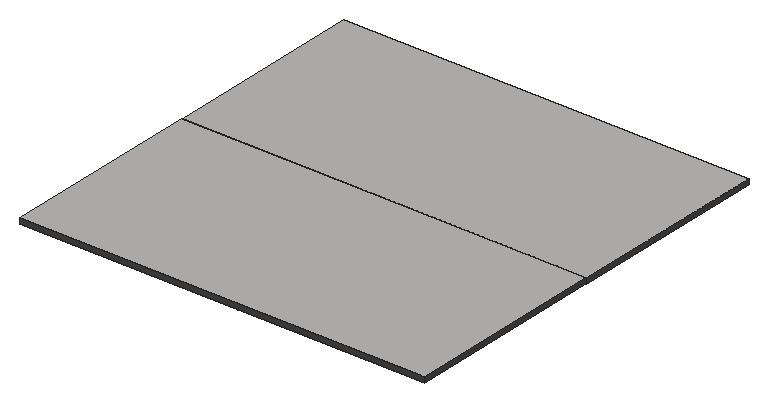
Revit family "22M 60 Square", category Furniture, Revit 2016
Family settings
  OmniClass Number = 23.40.20.00
  OmniClass Title = General Furniture and Specialties
  Work Plane-Based = No
  Always vertical = Yes
  Cut with Voids When Loaded = No
  Shared = No
  Room Calculation Point = No
Parameters
  Top [instance] = Palmer Hamilton Lt Gry
  Open [instance] = yes
  Height [instance] = 2' - 5"
  Frame [instance] = Palmer Hamilton Black
  Edge [instance] = Palmer Hamilton - Edge
  Closed [instance] = not(Open)  # no
Reference planes (in)
  plane 1 "Center Front/Back": y = 0
  plane 2: z = 0
  plane 3 "Center Left/Right": x = 0
  plane 4: z = 29
  plane 5: z = 28.1875
  plane 6: z = 26.0625
Forms (in)
  Extrusion 1, solid, material "Palmer Hamilton Black" <- "Frame", visible <- "Open"
    sketch origin (0, 0, 0) x (1, 0, 0) y (0, 1, 0)
      loop
        line (-23.80109, -5.0625) -> (-23.80109, -8.21742) -> (-19.2566, -19.18879) -> (0, -27.16514) -> (19.2566, -19.18879) -> (23.80109, -8.21742) -> (23.80109, -5.0625) -> (23.30109, -5.0625) -> (23.30109, -8.11796) -> (18.87392, -18.80611) -> (0, -26.62394) -> (-18.87392, -18.80611) -> (-23.30109, -8.11796) -> (-23.30109, -5.0625) -> (-23.80109, -5.0625)
    from 26.0625 to 28.1875
  Extrusion 2, solid, visible <- "Open"
    sketch origin (0, 0, 0) x (1, 0, 0) y (0, 1, 0)
      loop
        line (-30, -0.0625) -> (-30, -30) -> (30, -30) -> (30, -0.0625) -> (-30, -0.0625)
    from 28.1875 to 29
  Extrusion 3, solid, material "Palmer Hamilton Black" <- "Frame", visible <- "Closed"
    sketch origin (0, 25.43102, 37.57481) x (1, 0, 0) y (0, 0.017452, 0.999848)
      loop
        line (-23.80109, -5.0625) -> (-23.80109, -8.21742) -> (-19.2566, -19.18879) -> (0, -27.16514) -> (19.2566, -19.18879) -> (23.80109, -8.21742) -> (23.80109, -5.0625) -> (23.30109, -5.0625) -> (23.30109, -8.11796) -> (18.87392, -18.80611) -> (0, -26.62394) -> (-18.87392, -18.80611) -> (-23.30109, -8.11796) -> (-23.30109, -5.0625) -> (-23.80109, -5.0625)
    from 26.0625 to 28.1875
  Extrusion 4, solid, visible <- "Closed"
    sketch origin (0, 25.43102, 37.57481) x (1, 0, 0) y (0, 0.017452, 0.999848)
      loop
        line (-30, -0.0625) -> (-30, -30) -> (30, -30) -> (30, -0.0625) -> (-30, -0.0625)
    from 28.1875 to 29
  Extrusion 5, solid, material "Palmer Hamilton Black" <- "Frame", visible <- "Open"
    sketch origin (0, 0, 0) x (-1, 0, 0) y (0, -1, 0)
      loop
        line (-23.80109, -5.0625) -> (-23.80109, -8.21742) -> (-19.2566, -19.18879) -> (0, -27.16514) -> (19.2566, -19.18879) -> (23.80109, -8.21742) -> (23.80109, -5.0625) -> (23.30109, -5.0625) -> (23.30109, -8.11796) -> (18.87392, -18.80611) -> (0, -26.62394) -> (-18.87392, -18.80611) -> (-23.30109, -8.11796) -> (-23.30109, -5.0625) -> (-23.80109, -5.0625)
    from 26.0625 to 28.1875
  Extrusion 6, solid, visible <- "Open"
    sketch origin (0, 0, 0) x (-1, 0, 0) y (0, -1, 0)
      loop
        line (-30, -0.0625) -> (-30, -30) -> (30, -30) -> (30, -0.0625) -> (-30, -0.0625)
    from 28.1875 to 29
  Extrusion 7, solid, material "Palmer Hamilton Black" <- "Frame", visible <- "Closed"
    sketch origin (0, -25.43102, 37.57481) x (-1, 0, 0) y (0, -0.017452, 0.999848)
      loop
        line (-23.80109, -5.0625) -> (-23.80109, -8.21742) -> (-19.2566, -19.18879) -> (0, -27.16514) -> (19.2566, -19.18879) -> (23.80109, -8.21742) -> (23.80109, -5.0625) -> (23.30109, -5.0625) -> (23.30109, -8.11796) -> (18.87392, -18.80611) -> (0, -26.62394) -> (-18.87392, -18.80611) -> (-23.30109, -8.11796) -> (-23.30109, -5.0625) -> (-23.80109, -5.0625)
    from 26.0625 to 28.1875
  Extrusion 8, solid, visible <- "Closed"
    sketch origin (0, -25.43102, 37.57481) x (-1, 0, 0) y (0, -0.017452, 0.999848)
      loop
        line (-30, -0.0625) -> (-30, -30) -> (30, -30) -> (30, -0.0625) -> (-30, -0.0625)
    from 28.1875 to 29
  Extrusion 9, solid, material "Palmer Hamilton Black" <- "Frame", visible <- "Open"
    sketch origin (0, -0.04778, 5) x (0, 1, 0) y (0, 0, 1)
      loop
        line (0.5625, 20.44279) -> (0.5625, 22.17483) -> (-1.05432, 22.17483) -> (-1.05432, 22.61495) -> (-2.319, 22.61495) -> (-2.319, 23.1875) -> (-7.8464, 23.1875) -> (-7.8464, 21.04911) -> (-4.819, 21.04911) -> (-4.12777, 20.56511) -> (-2.19922, 20.56511)
        arc (-2.19922, 20.56511) -> (-1.96819, 20.47396) -> (-1.80353, 20.28804) r 0.53311
        line (-1.80353, 20.28804) -> (-1.74766, 20.07952)
        arc (-1.74766, 20.07952) -> (-1.6893, 19.93864) -> (-1.54842, 19.88029) r 0.19923
        line (-1.54842, 19.88029) -> (0, 19.88029)
        arc (0, 19.88029) -> (0.39775, 20.04504) -> (0.5625, 20.44279) r 0.5625
    from 23.6148 to 23.7344
  Extrusion 10, solid, material "Palmer Hamilton Black" <- "Frame", visible <- "Closed"
    sketch origin (0, 23.38594, 40.67249) x (0, 0.017452, 0.999848) y (0, -0.999848, 0.017452)
      loop
        line (-2.43704, 23.39043) -> (-2.43704, 25.12248) -> (-4.05386, 25.12248) -> (-4.05386, 25.5626) -> (-5.31854, 25.5626) -> (-5.31854, 26.13514) -> (-14.81854, 26.13514) -> (-14.81854, 23.99675) -> (-7.81854, 23.99675) -> (-7.12731, 23.51275) -> (-5.19876, 23.51275)
        arc (-5.19876, 23.51275) -> (-4.96774, 23.4216) -> (-4.80307, 23.23569) r 0.53311
        line (-4.80307, 23.23569) -> (-4.7472, 23.02716)
        arc (-4.7472, 23.02716) -> (-4.68885, 22.88628) -> (-4.54797, 22.82793) r 0.19923
        line (-4.54797, 22.82793) -> (-2.99954, 22.82793)
        arc (-2.99954, 22.82793) -> (-2.6018, 22.99268) -> (-2.43704, 23.39043) r 0.5625
    from 23.6148 to 23.7344
  Extrusion 11, solid, material "Palmer Hamilton Black" <- "Frame", visible <- "Open"
    sketch origin (0, -0.04778, 5) x (0, -1, 0) y (0, 0, 1)
      loop
        line (0.5625, 20.44279) -> (0.5625, 22.17483) -> (-1.05432, 22.17483) -> (-1.05432, 22.61495) -> (-2.319, 22.61495) -> (-2.319, 23.1875) -> (-8.14134, 23.1875) -> (-8.14134, 21.04911) -> (-4.819, 21.04911) -> (-4.12777, 20.56511) -> (-2.19922, 20.56511)
        arc (-2.19922, 20.56511) -> (-1.96819, 20.47396) -> (-1.80353, 20.28804) r 0.53311
        line (-1.80353, 20.28804) -> (-1.74766, 20.07952)
        arc (-1.74766, 20.07952) -> (-1.6893, 19.93864) -> (-1.54842, 19.88029) r 0.19923
        line (-1.54842, 19.88029) -> (0, 19.88029)
        arc (0, 19.88029) -> (0.39775, 20.04504) -> (0.5625, 20.44279) r 0.5625
    from -23.8544 to -23.7344
  Extrusion 12, solid, material "Palmer Hamilton Black" <- "Frame", visible <- "Closed"
    sketch origin (0, -23.48151, 40.67249) x (0, -0.017452, 0.999848) y (0, 0.999848, 0.017452)
      loop
        line (-2.43704, 23.39043) -> (-2.43704, 25.12248) -> (-4.05386, 25.12248) -> (-4.05386, 25.5626) -> (-5.31854, 25.5626) -> (-5.31854, 26.13514) -> (-14.81854, 26.13514) -> (-14.81854, 23.99675) -> (-7.81854, 23.99675) -> (-7.12731, 23.51275) -> (-5.19876, 23.51275)
        arc (-5.19876, 23.51275) -> (-4.96774, 23.4216) -> (-4.80307, 23.23569) r 0.53311
        line (-4.80307, 23.23569) -> (-4.7472, 23.02716)
        arc (-4.7472, 23.02716) -> (-4.68885, 22.88628) -> (-4.54797, 22.82793) r 0.19923
        line (-4.54797, 22.82793) -> (-2.99954, 22.82793)
        arc (-2.99954, 22.82793) -> (-2.6018, 22.99268) -> (-2.43704, 23.39043) r 0.5625
    from -23.8544 to -23.7344
  Extrusion 13, solid, material "Palmer Hamilton Black" <- "Frame", visible <- "Open"
    sketch origin (0, -0.04778, 5) x (0, 1, 0) y (0, 0, 1)
      loop
        line (0.5625, 20.44279) -> (0.5625, 22.17483) -> (-1.05432, 22.17483) -> (-1.05432, 22.61495) -> (-2.319, 22.61495) -> (-2.319, 23.1875) -> (-7.8464, 23.1875) -> (-7.8464, 21.04911) -> (-4.819, 21.04911) -> (-4.12777, 20.56511) -> (-2.19922, 20.56511)
        arc (-2.19922, 20.56511) -> (-1.96819, 20.47396) -> (-1.80353, 20.28804) r 0.53311
        line (-1.80353, 20.28804) -> (-1.74766, 20.07952)
        arc (-1.74766, 20.07952) -> (-1.6893, 19.93864) -> (-1.54842, 19.88029) r 0.19923
        line (-1.54842, 19.88029) -> (0, 19.88029)
        arc (0, 19.88029) -> (0.39775, 20.04504) -> (0.5625, 20.44279) r 0.5625
    from 17.25 to 17.375
  Extrusion 14, solid, material "Palmer Hamilton Black" <- "Frame", visible <- "Open"
    sketch origin (0, -0.04778, 5) x (0, -1, 0) y (0, 0, 1)
      loop
        line (0.5625, 20.44279) -> (0.5625, 22.17483) -> (-1.05432, 22.17483) -> (-1.05432, 22.61495) -> (-2.319, 22.61495) -> (-2.319, 23.1875) -> (-8.14134, 23.1875) -> (-8.14134, 21.04911) -> (-4.819, 21.04911) -> (-4.12777, 20.56511) -> (-2.19922, 20.56511)
        arc (-2.19922, 20.56511) -> (-1.96819, 20.47396) -> (-1.80353, 20.28804) r 0.53311
        line (-1.80353, 20.28804) -> (-1.74766, 20.07952)
        arc (-1.74766, 20.07952) -> (-1.6893, 19.93864) -> (-1.54842, 19.88029) r 0.19923
        line (-1.54842, 19.88029) -> (0, 19.88029)
        arc (0, 19.88029) -> (0.39775, 20.04504) -> (0.5625, 20.44279) r 0.5625
    from -17.5 to -17.375
  Extrusion 15, solid, material "Palmer Hamilton Black" <- "Frame", visible <- "Closed"
    sketch origin (0, 23.38594, 40.67249) x (0, 0.017452, 0.999848) y (0, -0.999848, 0.017452)
      loop
        line (-2.43704, 23.39043) -> (-2.43704, 25.12248) -> (-4.05386, 25.12248) -> (-4.05386, 25.5626) -> (-5.31854, 25.5626) -> (-5.31854, 26.13514) -> (-14.81854, 26.13514) -> (-14.81854, 23.99675) -> (-7.81854, 23.99675) -> (-7.12731, 23.51275) -> (-5.19876, 23.51275)
        arc (-5.19876, 23.51275) -> (-4.96774, 23.4216) -> (-4.80307, 23.23569) r 0.53311
        line (-4.80307, 23.23569) -> (-4.7472, 23.02716)
        arc (-4.7472, 23.02716) -> (-4.68885, 22.88628) -> (-4.54797, 22.82793) r 0.19923
        line (-4.54797, 22.82793) -> (-2.99954, 22.82793)
        arc (-2.99954, 22.82793) -> (-2.6018, 22.99268) -> (-2.43704, 23.39043) r 0.5625
    from 17.25 to 17.375
  Extrusion 16, solid, material "Palmer Hamilton Black" <- "Frame", visible <- "Closed"
    sketch origin (0, -23.48151, 40.67249) x (0, -0.017452, 0.999848) y (0, 0.999848, 0.017452)
      loop
        line (-2.43704, 23.39043) -> (-2.43704, 25.12248) -> (-4.05386, 25.12248) -> (-4.05386, 25.5626) -> (-5.31854, 25.5626) -> (-5.31854, 26.13514) -> (-14.81854, 26.13514) -> (-14.81854, 23.99675) -> (-7.81854, 23.99675) -> (-7.12731, 23.51275) -> (-5.19876, 23.51275)
        arc (-5.19876, 23.51275) -> (-4.96774, 23.4216) -> (-4.80307, 23.23569) r 0.53311
        line (-4.80307, 23.23569) -> (-4.7472, 23.02716)
        arc (-4.7472, 23.02716) -> (-4.68885, 22.88628) -> (-4.54797, 22.82793) r 0.19923
        line (-4.54797, 22.82793) -> (-2.99954, 22.82793)
        arc (-2.99954, 22.82793) -> (-2.6018, 22.99268) -> (-2.43704, 23.39043) r 0.5625
    from -17.5 to -17.375
  Extrusion 17, solid, material "Palmer Hamilton Black" <- "Frame", visible <- "Closed"
    sketch origin (0, -23.48151, 40.67249) x (0, -0.017452, 0.999848) y (0, 0.999848, 0.017452)
      loop
        line (-2.43704, 23.39043) -> (-2.43704, 25.12248) -> (-4.05386, 25.12248) -> (-4.05386, 25.5626) -> (-5.31854, 25.5626) -> (-5.31854, 26.13514) -> (-14.81854, 26.13514) -> (-14.81854, 23.99675) -> (-7.81854, 23.99675) -> (-7.12731, 23.51275) -> (-5.19876, 23.51275)
        arc (-5.19876, 23.51275) -> (-4.96774, 23.4216) -> (-4.80307, 23.23569) r 0.53311
        line (-4.80307, 23.23569) -> (-4.7472, 23.02716)
        arc (-4.7472, 23.02716) -> (-4.68885, 22.88628) -> (-4.54797, 22.82793) r 0.19923
        line (-4.54797, 22.82793) -> (-2.99954, 22.82793)
        arc (-2.99954, 22.82793) -> (-2.6018, 22.99268) -> (-2.43704, 23.39043) r 0.5625
    from -12.1671 to -12.0625
  Extrusion 18, solid, material "Palmer Hamilton Black" <- "Frame", visible <- "Open"
    sketch origin (0, -0.04778, 5) x (0, -1, 0) y (0, 0, 1)
      loop
        line (0.5625, 20.44279) -> (0.5625, 22.17483) -> (-1.05432, 22.17483) -> (-1.05432, 22.61495) -> (-2.319, 22.61495) -> (-2.319, 23.1875) -> (-8.14134, 23.1875) -> (-8.14134, 21.04911) -> (-4.819, 21.04911) -> (-4.12777, 20.56511) -> (-2.19922, 20.56511)
        arc (-2.19922, 20.56511) -> (-1.96819, 20.47396) -> (-1.80353, 20.28804) r 0.53311
        line (-1.80353, 20.28804) -> (-1.74766, 20.07952)
        arc (-1.74766, 20.07952) -> (-1.6893, 19.93864) -> (-1.54842, 19.88029) r 0.19923
        line (-1.54842, 19.88029) -> (0, 19.88029)
        arc (0, 19.88029) -> (0.39775, 20.04504) -> (0.5625, 20.44279) r 0.5625
    from -12.1671 to -12.0625
  Extrusion 19, solid, material "Palmer Hamilton Black" <- "Frame", visible <- "Open"
    sketch origin (0, -0.04778, 5) x (0, 1, 0) y (0, 0, -1)
      loop
        arc (0.5625, -20.44279) -> (0.39775, -20.04504) -> (0, -19.88029) r 0.5625
        line (0, -19.88029) -> (-1.54842, -19.88029)
        arc (-1.54842, -19.88029) -> (-1.6893, -19.93864) -> (-1.74766, -20.07952) r 0.19923
        line (-1.74766, -20.07952) -> (-1.80353, -20.28804)
        arc (-1.80353, -20.28804) -> (-1.96819, -20.47396) -> (-2.19922, -20.56511) r 0.53311
        line (-2.19922, -20.56511) -> (-4.12777, -20.56511) -> (-4.819, -21.04911) -> (-7.8464, -21.04911) -> (-7.8464, -23.1875) -> (-2.319, -23.1875) -> (-2.319, -22.61495) -> (-1.05432, -22.61495) -> (-1.05432, -22.17483) -> (0.5625, -22.17483) -> (0.5625, -20.44279)
    from 23.6148 to 23.7344
  Extrusion 20, solid, material "Palmer Hamilton Black" <- "Frame", visible <- "Open"
    sketch origin (0, -0.04778, 5) x (0, -1, 0) y (0, 0, -1)
      loop
        arc (0.5625, -20.44279) -> (0.39775, -20.04504) -> (0, -19.88029) r 0.5625
        line (0, -19.88029) -> (-1.54842, -19.88029)
        arc (-1.54842, -19.88029) -> (-1.6893, -19.93864) -> (-1.74766, -20.07952) r 0.19923
        line (-1.74766, -20.07952) -> (-1.80353, -20.28804)
        arc (-1.80353, -20.28804) -> (-1.96819, -20.47396) -> (-2.19922, -20.56511) r 0.53311
        line (-2.19922, -20.56511) -> (-4.12777, -20.56511) -> (-4.819, -21.04911) -> (-8.14134, -21.04911) -> (-8.14134, -23.1875) -> (-2.319, -23.1875) -> (-2.319, -22.61495) -> (-1.05432, -22.61495) -> (-1.05432, -22.17483) -> (0.5625, -22.17483) -> (0.5625, -20.44279)
    from -23.8544 to -23.7344
  Extrusion 21, solid, material "Palmer Hamilton Black" <- "Frame", visible <- "Open"
    sketch origin (0, -0.04778, 5) x (0, 1, 0) y (0, 0, -1)
      loop
        arc (0.5625, -20.44279) -> (0.39775, -20.04504) -> (0, -19.88029) r 0.5625
        line (0, -19.88029) -> (-1.54842, -19.88029)
        arc (-1.54842, -19.88029) -> (-1.6893, -19.93864) -> (-1.74766, -20.07952) r 0.19923
        line (-1.74766, -20.07952) -> (-1.80353, -20.28804)
        arc (-1.80353, -20.28804) -> (-1.96819, -20.47396) -> (-2.19922, -20.56511) r 0.53311
        line (-2.19922, -20.56511) -> (-4.12777, -20.56511) -> (-4.819, -21.04911) -> (-7.8464, -21.04911) -> (-7.8464, -23.1875) -> (-2.319, -23.1875) -> (-2.319, -22.61495) -> (-1.05432, -22.61495) -> (-1.05432, -22.17483) -> (0.5625, -22.17483) -> (0.5625, -20.44279)
    from 17.25 to 17.375
  Extrusion 22, solid, material "Palmer Hamilton Black" <- "Frame", visible <- "Open"
    sketch origin (0, -0.04778, 5) x (0, -1, 0) y (0, 0, -1)
      loop
        arc (0.5625, -20.44279) -> (0.39775, -20.04504) -> (0, -19.88029) r 0.5625
        line (0, -19.88029) -> (-1.54842, -19.88029)
        arc (-1.54842, -19.88029) -> (-1.6893, -19.93864) -> (-1.74766, -20.07952) r 0.19923
        line (-1.74766, -20.07952) -> (-1.80353, -20.28804)
        arc (-1.80353, -20.28804) -> (-1.96819, -20.47396) -> (-2.19922, -20.56511) r 0.53311
        line (-2.19922, -20.56511) -> (-4.12777, -20.56511) -> (-4.819, -21.04911) -> (-8.14134, -21.04911) -> (-8.14134, -23.1875) -> (-2.319, -23.1875) -> (-2.319, -22.61495) -> (-1.05432, -22.61495) -> (-1.05432, -22.17483) -> (0.5625, -22.17483) -> (0.5625, -20.44279)
    from -17.5 to -17.375
  Extrusion 23, solid, material "Palmer Hamilton Black" <- "Frame", visible <- "Closed"
    sketch origin (0, -23.48151, 40.67249) x (0, -0.017452, 0.999848) y (0, -0.999848, -0.017452)
      loop
        arc (-2.43704, -23.39043) -> (-2.6018, -22.99268) -> (-2.99954, -22.82793) r 0.5625
        line (-2.99954, -22.82793) -> (-4.54797, -22.82793)
        arc (-4.54797, -22.82793) -> (-4.68885, -22.88628) -> (-4.7472, -23.02716) r 0.19923
        line (-4.7472, -23.02716) -> (-4.80307, -23.23569)
        arc (-4.80307, -23.23569) -> (-4.96774, -23.4216) -> (-5.19876, -23.51275) r 0.53311
        line (-5.19876, -23.51275) -> (-7.12731, -23.51275) -> (-7.81854, -23.99675) -> (-14.81854, -23.99675) -> (-14.81854, -26.13514) -> (-5.31854, -26.13514) -> (-5.31854, -25.5626) -> (-4.05386, -25.5626) -> (-4.05386, -25.12248) -> (-2.43704, -25.12248) -> (-2.43704, -23.39043)
    from -12.1671 to -12.0625
  Extrusion 24, solid, material "Palmer Hamilton Black" <- "Frame", visible <- "Open"
    sketch origin (0, -0.04778, 5) x (0, -1, 0) y (0, 0, -1)
      loop
        arc (0.5625, -20.44279) -> (0.39775, -20.04504) -> (0, -19.88029) r 0.5625
        line (0, -19.88029) -> (-1.54842, -19.88029)
        arc (-1.54842, -19.88029) -> (-1.6893, -19.93864) -> (-1.74766, -20.07952) r 0.19923
        line (-1.74766, -20.07952) -> (-1.80353, -20.28804)
        arc (-1.80353, -20.28804) -> (-1.96819, -20.47396) -> (-2.19922, -20.56511) r 0.53311
        line (-2.19922, -20.56511) -> (-4.12777, -20.56511) -> (-4.819, -21.04911) -> (-8.14134, -21.04911) -> (-8.14134, -23.1875) -> (-2.319, -23.1875) -> (-2.319, -22.61495) -> (-1.05432, -22.61495) -> (-1.05432, -22.17483) -> (0.5625, -22.17483) -> (0.5625, -20.44279)
    from -12.1671 to -12.0625
  Extrusion 25, solid, material "Palmer Hamilton Black" <- "Frame", visible <- "Closed"
    sketch origin (0, 23.38594, 40.67249) x (0, 0.017452, 0.999848) y (0, 0.999848, -0.017452)
      loop
        arc (-2.43704, -23.39043) -> (-2.6018, -22.99268) -> (-2.99954, -22.82793) r 0.5625
        line (-2.99954, -22.82793) -> (-4.54797, -22.82793)
        arc (-4.54797, -22.82793) -> (-4.68885, -22.88628) -> (-4.7472, -23.02716) r 0.19923
        line (-4.7472, -23.02716) -> (-4.80307, -23.23569)
        arc (-4.80307, -23.23569) -> (-4.96774, -23.4216) -> (-5.19876, -23.51275) r 0.53311
        line (-5.19876, -23.51275) -> (-7.12731, -23.51275) -> (-7.81854, -23.99675) -> (-14.81854, -23.99675) -> (-14.81854, -26.13514) -> (-5.31854, -26.13514) -> (-5.31854, -25.5626) -> (-4.05386, -25.5626) -> (-4.05386, -25.12248) -> (-2.43704, -25.12248) -> (-2.43704, -23.39043)
    from 23.6148 to 23.7344
  Extrusion 26, solid, material "Palmer Hamilton Black" <- "Frame", visible <- "Closed"
    sketch origin (0, -23.48151, 40.67249) x (0, -0.017452, 0.999848) y (0, -0.999848, -0.017452)
      loop
        arc (-2.43704, -23.39043) -> (-2.6018, -22.99268) -> (-2.99954, -22.82793) r 0.5625
        line (-2.99954, -22.82793) -> (-4.54797, -22.82793)
        arc (-4.54797, -22.82793) -> (-4.68885, -22.88628) -> (-4.7472, -23.02716) r 0.19923
        line (-4.7472, -23.02716) -> (-4.80307, -23.23569)
        arc (-4.80307, -23.23569) -> (-4.96774, -23.4216) -> (-5.19876, -23.51275) r 0.53311
        line (-5.19876, -23.51275) -> (-7.12731, -23.51275) -> (-7.81854, -23.99675) -> (-14.81854, -23.99675) -> (-14.81854, -26.13514) -> (-5.31854, -26.13514) -> (-5.31854, -25.5626) -> (-4.05386, -25.5626) -> (-4.05386, -25.12248) -> (-2.43704, -25.12248) -> (-2.43704, -23.39043)
    from -23.8544 to -23.7344
  Extrusion 27, solid, material "Palmer Hamilton Black" <- "Frame", visible <- "Closed"
    sketch origin (0, 23.38594, 40.67249) x (0, 0.017452, 0.999848) y (0, 0.999848, -0.017452)
      loop
        arc (-2.43704, -23.39043) -> (-2.6018, -22.99268) -> (-2.99954, -22.82793) r 0.5625
        line (-2.99954, -22.82793) -> (-4.54797, -22.82793)
        arc (-4.54797, -22.82793) -> (-4.68885, -22.88628) -> (-4.7472, -23.02716) r 0.19923
        line (-4.7472, -23.02716) -> (-4.80307, -23.23569)
        arc (-4.80307, -23.23569) -> (-4.96774, -23.4216) -> (-5.19876, -23.51275) r 0.53311
        line (-5.19876, -23.51275) -> (-7.12731, -23.51275) -> (-7.81854, -23.99675) -> (-14.81854, -23.99675) -> (-14.81854, -26.13514) -> (-5.31854, -26.13514) -> (-5.31854, -25.5626) -> (-4.05386, -25.5626) -> (-4.05386, -25.12248) -> (-2.43704, -25.12248) -> (-2.43704, -23.39043)
    from 17.25 to 17.375
  Extrusion 28, solid, material "Palmer Hamilton Black" <- "Frame", visible <- "Closed"
    sketch origin (0, -23.48151, 40.67249) x (0, -0.017452, 0.999848) y (0, -0.999848, -0.017452)
      loop
        arc (-2.43704, -23.39043) -> (-2.6018, -22.99268) -> (-2.99954, -22.82793) r 0.5625
        line (-2.99954, -22.82793) -> (-4.54797, -22.82793)
        arc (-4.54797, -22.82793) -> (-4.68885, -22.88628) -> (-4.7472, -23.02716) r 0.19923
        line (-4.7472, -23.02716) -> (-4.80307, -23.23569)
        arc (-4.80307, -23.23569) -> (-4.96774, -23.4216) -> (-5.19876, -23.51275) r 0.53311
        line (-5.19876, -23.51275) -> (-7.12731, -23.51275) -> (-7.81854, -23.99675) -> (-14.81854, -23.99675) -> (-14.81854, -26.13514) -> (-5.31854, -26.13514) -> (-5.31854, -25.5626) -> (-4.05386, -25.5626) -> (-4.05386, -25.12248) -> (-2.43704, -25.12248) -> (-2.43704, -23.39043)
    from -17.5 to -17.375
Dimensions and locks (in)
  locked: plane 5 to plane 6 at 2.125
  locked: plane 4 to plane 5 at 0.8125
  "Height": plane 4 to level
  aligned and locked: level to plane 2
  aligned and locked: plane 5 to Extrusion 1
  aligned and locked: Extrusion 1 to plane 6
  aligned and locked: plane 4 to Extrusion 2
  aligned and locked: Extrusion 2 to plane 5
  aligned and locked: plane 4 to Extrusion 6
  aligned and locked: Extrusion 6 to plane 5
  aligned and locked: Extrusion 5 to plane 6
  aligned and locked: plane 5 to Extrusion 5
Automatic sketch dimensions
  Extrusion 1 sketch curve to plane 3 "Center Left/Right" = 0' - 0"  (x2)
  Extrusion 1 sketch curve to plane 3 "Center Left/Right" = 1' - 6.87392"
  Extrusion 1 sketch curve to Extrusion 1 sketch curve = 0' - 0.38268"  (x4)
  plane 1 "Center Front/Back" to Extrusion 1 sketch curve = 0' - 8.11796"
  Extrusion 1 sketch curve to Extrusion 1 sketch curve = 0' - 4.42718"  (x2)
  plane 1 "Center Front/Back" to Extrusion 1 sketch curve = 0' - 8.21742"
  Extrusion 1 sketch curve to Extrusion 1 sketch curve = 0' - 0 1/2"  (x2)
  plane 3 "Center Left/Right" to Extrusion 1 sketch curve = 1' - 6.87392"
  plane 1 "Center Front/Back" to Extrusion 1 sketch curve = 0' - 5 1/16"
  Extrusion 1 sketch curve to Extrusion 1 sketch curve = 1' - 1.74361"
  Extrusion 1 sketch curve to Extrusion 1 sketch curve = 0' - 10.68815"
  Extrusion 1 sketch curve to Extrusion 1 sketch curve = 0' - 7.81783"
  Extrusion 1 sketch curve to Extrusion 1 sketch curve = 0' - 0.5412"
  Extrusion 1 sketch curve to Extrusion 1 sketch curve = 0' - 3.15492"
  Extrusion 1 sketch curve to Extrusion 1 sketch curve = 0' - 0.09946"
  Extrusion 1 sketch curve to Extrusion 1 sketch curve = 0' - 3.05546"
  Extrusion 2 sketch curve to plane 3 "Center Left/Right" = 2' - 6"
  plane 3 "Center Left/Right" to Extrusion 2 sketch curve = 2' - 6"
  plane 1 "Center Front/Back" to Extrusion 2 sketch curve = 2' - 6"
  plane 1 "Center Front/Back" to Extrusion 2 sketch curve = 0' - 0 1/16"
  Extrusion 3 sketch curve to plane 3 "Center Left/Right" = 0' - 0"  (x2)
  Extrusion 3 sketch curve to plane 3 "Center Left/Right" = 1' - 6.87392"
  Extrusion 3 sketch curve to Extrusion 3 sketch curve = 0' - 0.38268"  (x4)
  Extrusion 3 sketch curve to Extrusion 3 sketch curve = 0' - 4.42718"  (x2)
  Extrusion 3 sketch curve to Extrusion 3 sketch curve = 0' - 0 1/2"  (x2)
  plane 3 "Center Left/Right" to Extrusion 3 sketch curve = 1' - 6.87392"
  Extrusion 3 sketch curve to Extrusion 3 sketch curve = 0' - 0.5412"
  Extrusion 3 sketch curve to Extrusion 3 sketch curve = 0' - 7.43515"  (x2)
  Extrusion 3 sketch curve to Extrusion 3 sketch curve = 0' - 10.58869"  (x2)
  Extrusion 3 sketch curve to Extrusion 3 sketch curve = 0' - 0.09946"  (x2)
  Extrusion 3 sketch curve to Extrusion 3 sketch curve = 0' - 3.05546"  (x2)
  Extrusion 4 sketch curve to plane 3 "Center Left/Right" = 2' - 6"
  plane 3 "Center Left/Right" to Extrusion 4 sketch curve = 2' - 6"
  Extrusion 4 sketch curve to Extrusion 4 sketch curve = 2' - 5 15/16"
  Extrusion 5 sketch curve to plane 3 "Center Left/Right" = 0' - 0"  (x2)
  plane 3 "Center Left/Right" to Extrusion 5 sketch curve = 1' - 6.87392"
  Extrusion 5 sketch curve to Extrusion 5 sketch curve = 0' - 0.38268"  (x4)
  Extrusion 5 sketch curve to plane 1 "Center Front/Back" = 0' - 8.11796"
  Extrusion 5 sketch curve to Extrusion 5 sketch curve = 0' - 4.42718"  (x2)
  Extrusion 5 sketch curve to Extrusion 5 sketch curve = 0' - 0 1/2"  (x2)
  Extrusion 5 sketch curve to plane 3 "Center Left/Right" = 1' - 6.87392"
  Extrusion 5 sketch curve to plane 1 "Center Front/Back" = 0' - 5 1/16"
  Extrusion 5 sketch curve to Extrusion 5 sketch curve = 0' - 3.05546"  (x2)
  Extrusion 5 sketch curve to Extrusion 5 sketch curve = 0' - 0.09946"  (x2)
  Extrusion 5 sketch curve to Extrusion 5 sketch curve = 0' - 10.68815"  (x2)
  Extrusion 5 sketch curve to Extrusion 5 sketch curve = 0' - 7.81783"
  Extrusion 5 sketch curve to Extrusion 5 sketch curve = 0' - 0.5412"
  plane 3 "Center Left/Right" to Extrusion 6 sketch curve = 2' - 6"
  Extrusion 6 sketch curve to plane 3 "Center Left/Right" = 2' - 6"
  Extrusion 6 sketch curve to plane 1 "Center Front/Back" = 2' - 6"
  Extrusion 6 sketch curve to plane 1 "Center Front/Back" = 0' - 0 1/16"
  Extrusion 7 sketch curve to plane 3 "Center Left/Right" = 0' - 0"  (x2)
  plane 3 "Center Left/Right" to Extrusion 7 sketch curve = 1' - 6.87392"
  Extrusion 7 sketch curve to Extrusion 7 sketch curve = 0' - 0.38268"  (x4)
  Extrusion 7 sketch curve to Extrusion 7 sketch curve = 0' - 4.42718"  (x2)
  Extrusion 7 sketch curve to Extrusion 7 sketch curve = 0' - 0 1/2"  (x2)
  Extrusion 7 sketch curve to plane 3 "Center Left/Right" = 1' - 6.87392"
  Extrusion 7 sketch curve to Extrusion 7 sketch curve = 0' - 0.5412"
  Extrusion 7 sketch curve to Extrusion 7 sketch curve = 0' - 7.43515"  (x2)
  Extrusion 7 sketch curve to Extrusion 7 sketch curve = 0' - 10.58869"  (x2)
  Extrusion 7 sketch curve to Extrusion 7 sketch curve = 0' - 0.09946"  (x2)
  Extrusion 7 sketch curve to Extrusion 7 sketch curve = 0' - 3.05546"  (x2)
  plane 3 "Center Left/Right" to Extrusion 8 sketch curve = 2' - 6"
  Extrusion 8 sketch curve to plane 3 "Center Left/Right" = 2' - 6"
  Extrusion 8 sketch curve to Extrusion 8 sketch curve = 2' - 5 15/16"
  plane 1 "Center Front/Back" to Extrusion 9 sketch curve = 0' - 7.89419"
  Extrusion 9 sketch curve to Extrusion 9 sketch curve = 0' - 3.0274"
  Extrusion 9 sketch curve to Extrusion 9 sketch curve = 0' - 0.69123"
  plane 1 "Center Front/Back" to Extrusion 9 sketch curve = 0' - 2.36678"
  Extrusion 9 sketch curve to Extrusion 9 sketch curve = 0' - 1.8538"
  Extrusion 9 sketch curve to Extrusion 9 sketch curve = 0' - 0.07475"
  Extrusion 9 sketch curve to Extrusion 9 sketch curve = 0' - 0.39569"
  Extrusion 9 sketch curve to Extrusion 9 sketch curve = 0' - 0.05587"
  Extrusion 9 sketch curve to Extrusion 9 sketch curve = 0' - 0 51/256"
  plane 1 "Center Front/Back" to Extrusion 9 sketch curve = 0' - 1.1021"
  plane 1 "Center Front/Back" to Extrusion 9 sketch curve = 0' - 0.04778"
  Extrusion 9 sketch curve to plane 1 "Center Front/Back" = 0' - 0.51472"
  Extrusion 9 sketch curve to plane 6 = 0' - 1.18221"
  Extrusion 9 sketch curve to Extrusion 9 sketch curve = 0' - 0.04225"
  Extrusion 9 sketch curve to Extrusion 9 sketch curve = 0' - 0.20852"
  Extrusion 9 sketch curve to Extrusion 9 sketch curve = 0' - 0.484"
  Extrusion 9 sketch curve to Extrusion 9 sketch curve = 0' - 1.73205"
  Extrusion 9 sketch curve to Extrusion 9 sketch curve = 0' - 0.44012"
  Extrusion 9 sketch curve to Extrusion 9 sketch curve = 0' - 0.57255"
  plane 1 "Center Front/Back" to Extrusion 10 sketch curve = 0' - 0.86578"
  plane 6 to Extrusion 10 sketch curve = 0' - 0.2125"
  Extrusion 10 sketch curve to Extrusion 10 sketch curve = 0' - 7"
  Extrusion 10 sketch curve to Extrusion 10 sketch curve = 0' - 0.69123"
  Extrusion 10 sketch curve to Extrusion 10 sketch curve = 0' - 1.80877"
  Extrusion 10 sketch curve to Extrusion 10 sketch curve = 0' - 1.8538"
  Extrusion 10 sketch curve to Extrusion 10 sketch curve = 0' - 0.07475"
  Extrusion 10 sketch curve to Extrusion 10 sketch curve = 0' - 0.39569"
  Extrusion 10 sketch curve to Extrusion 10 sketch curve = 0' - 0.05587"
  Extrusion 10 sketch curve to Extrusion 10 sketch curve = 0' - 0 51/256"
  Extrusion 10 sketch curve to Extrusion 10 sketch curve = 0' - 1.26468"
  Extrusion 10 sketch curve to Extrusion 10 sketch curve = 0' - 1.54842"
  Extrusion 10 sketch curve to Extrusion 10 sketch curve = 0' - 1.61682"
  Extrusion 10 sketch curve to Extrusion 10 sketch curve = 0' - 0.484"
  Extrusion 10 sketch curve to Extrusion 10 sketch curve = 0' - 0.12232"
  Extrusion 10 sketch curve to Extrusion 10 sketch curve = 0' - 0.20852"
  Extrusion 10 sketch curve to Extrusion 10 sketch curve = 0' - 1.73205"
  Extrusion 10 sketch curve to Extrusion 10 sketch curve = 0' - 0.44012"
  Extrusion 10 sketch curve to Extrusion 10 sketch curve = 0' - 0.57255"
  Extrusion 11 sketch curve to plane 1 "Center Front/Back" = 0' - 8.09355"
  Extrusion 11 sketch curve to Extrusion 11 sketch curve = 0' - 3.32234"
  Extrusion 11 sketch curve to Extrusion 11 sketch curve = 0' - 0.69123"
  Extrusion 11 sketch curve to plane 1 "Center Front/Back" = 0' - 2.27122"
  Extrusion 11 sketch curve to Extrusion 11 sketch curve = 0' - 1.8538"
  Extrusion 11 sketch curve to Extrusion 11 sketch curve = 0' - 0.07475"
  Extrusion 11 sketch curve to Extrusion 11 sketch curve = 0' - 0.39569"
  Extrusion 11 sketch curve to Extrusion 11 sketch curve = 0' - 0.05587"
  Extrusion 11 sketch curve to Extrusion 11 sketch curve = 0' - 0 51/256"
  Extrusion 11 sketch curve to plane 1 "Center Front/Back" = 0' - 1.00653"
  plane 1 "Center Front/Back" to Extrusion 11 sketch curve = 0' - 0.04778"
  plane 1 "Center Front/Back" to Extrusion 11 sketch curve = 0' - 0.61028"
  Extrusion 11 sketch curve to plane 6 = 0' - 1.18221"
  Extrusion 11 sketch curve to Extrusion 11 sketch curve = 0' - 0.04225"
  Extrusion 11 sketch curve to Extrusion 11 sketch curve = 0' - 0.20852"
  Extrusion 11 sketch curve to Extrusion 11 sketch curve = 0' - 0.484"
  Extrusion 11 sketch curve to Extrusion 11 sketch curve = 0' - 1.73205"
  Extrusion 11 sketch curve to Extrusion 11 sketch curve = 0' - 0.44012"
  Extrusion 11 sketch curve to Extrusion 11 sketch curve = 0' - 0.57255"
  Extrusion 12 sketch curve to plane 1 "Center Front/Back" = 0' - 0.77021"
  plane 6 to Extrusion 12 sketch curve = 0' - 0.2125"
  Extrusion 12 sketch curve to Extrusion 12 sketch curve = 0' - 7"
  Extrusion 12 sketch curve to Extrusion 12 sketch curve = 0' - 0.69123"
  Extrusion 12 sketch curve to Extrusion 12 sketch curve = 0' - 1.80877"
  Extrusion 12 sketch curve to Extrusion 12 sketch curve = 0' - 1.8538"
  Extrusion 12 sketch curve to Extrusion 12 sketch curve = 0' - 0.07475"
  Extrusion 12 sketch curve to Extrusion 12 sketch curve = 0' - 0.39569"
  Extrusion 12 sketch curve to Extrusion 12 sketch curve = 0' - 0.05587"
  Extrusion 12 sketch curve to Extrusion 12 sketch curve = 0' - 0 51/256"
  Extrusion 12 sketch curve to Extrusion 12 sketch curve = 0' - 1.26468"
  Extrusion 12 sketch curve to Extrusion 12 sketch curve = 0' - 1.54842"
  Extrusion 12 sketch curve to Extrusion 12 sketch curve = 0' - 1.61682"
  Extrusion 12 sketch curve to Extrusion 12 sketch curve = 0' - 0.484"
  Extrusion 12 sketch curve to Extrusion 12 sketch curve = 0' - 0.12232"
  Extrusion 12 sketch curve to Extrusion 12 sketch curve = 0' - 0.20852"
  Extrusion 12 sketch curve to Extrusion 12 sketch curve = 0' - 1.73205"
  Extrusion 12 sketch curve to Extrusion 12 sketch curve = 0' - 0.44012"
  Extrusion 12 sketch curve to Extrusion 12 sketch curve = 0' - 0.57255"
  plane 1 "Center Front/Back" to Extrusion 13 sketch curve = 0' - 7.89419"
  Extrusion 13 sketch curve to Extrusion 13 sketch curve = 0' - 3.0274"
  Extrusion 13 sketch curve to Extrusion 13 sketch curve = 0' - 0.69123"
  plane 1 "Center Front/Back" to Extrusion 13 sketch curve = 0' - 2.36678"
  Extrusion 13 sketch curve to Extrusion 13 sketch curve = 0' - 1.8538"
  Extrusion 13 sketch curve to Extrusion 13 sketch curve = 0' - 0.07475"
  Extrusion 13 sketch curve to Extrusion 13 sketch curve = 0' - 0.39569"
  Extrusion 13 sketch curve to Extrusion 13 sketch curve = 0' - 0.05587"
  Extrusion 13 sketch curve to Extrusion 13 sketch curve = 0' - 0 51/256"
  plane 1 "Center Front/Back" to Extrusion 13 sketch curve = 0' - 1.1021"
  plane 1 "Center Front/Back" to Extrusion 13 sketch curve = 0' - 0.04778"
  Extrusion 13 sketch curve to plane 1 "Center Front/Back" = 0' - 0.51472"
  Extrusion 13 sketch curve to plane 6 = 0' - 1.18221"
  Extrusion 13 sketch curve to Extrusion 13 sketch curve = 0' - 0.04225"
  Extrusion 13 sketch curve to Extrusion 13 sketch curve = 0' - 0.20852"
  Extrusion 13 sketch curve to Extrusion 13 sketch curve = 0' - 0.484"
  Extrusion 13 sketch curve to Extrusion 13 sketch curve = 0' - 1.73205"
  Extrusion 13 sketch curve to Extrusion 13 sketch curve = 0' - 0.44012"
  Extrusion 13 sketch curve to Extrusion 13 sketch curve = 0' - 0.57255"
  Extrusion 14 sketch curve to plane 1 "Center Front/Back" = 0' - 8.09355"
  Extrusion 14 sketch curve to Extrusion 14 sketch curve = 0' - 3.32234"
  Extrusion 14 sketch curve to Extrusion 14 sketch curve = 0' - 0.69123"
  Extrusion 14 sketch curve to plane 1 "Center Front/Back" = 0' - 2.27122"
  Extrusion 14 sketch curve to Extrusion 14 sketch curve = 0' - 1.8538"
  Extrusion 14 sketch curve to Extrusion 14 sketch curve = 0' - 0.07475"
  Extrusion 14 sketch curve to Extrusion 14 sketch curve = 0' - 0.39569"
  Extrusion 14 sketch curve to Extrusion 14 sketch curve = 0' - 0.05587"
  Extrusion 14 sketch curve to Extrusion 14 sketch curve = 0' - 0 51/256"
  Extrusion 14 sketch curve to plane 1 "Center Front/Back" = 0' - 1.00653"
  plane 1 "Center Front/Back" to Extrusion 14 sketch curve = 0' - 0.04778"
  plane 1 "Center Front/Back" to Extrusion 14 sketch curve = 0' - 0.61028"
  Extrusion 14 sketch curve to plane 6 = 0' - 1.18221"
  Extrusion 14 sketch curve to Extrusion 14 sketch curve = 0' - 0.04225"
  Extrusion 14 sketch curve to Extrusion 14 sketch curve = 0' - 0.20852"
  Extrusion 14 sketch curve to Extrusion 14 sketch curve = 0' - 0.484"
  Extrusion 14 sketch curve to Extrusion 14 sketch curve = 0' - 1.73205"
  Extrusion 14 sketch curve to Extrusion 14 sketch curve = 0' - 0.44012"
  Extrusion 14 sketch curve to Extrusion 14 sketch curve = 0' - 0.57255"
  plane 1 "Center Front/Back" to Extrusion 15 sketch curve = 0' - 0.86578"
  plane 6 to Extrusion 15 sketch curve = 0' - 0.2125"
  Extrusion 15 sketch curve to Extrusion 15 sketch curve = 0' - 7"
  Extrusion 15 sketch curve to Extrusion 15 sketch curve = 0' - 0.69123"
  Extrusion 15 sketch curve to Extrusion 15 sketch curve = 0' - 1.80877"
  Extrusion 15 sketch curve to Extrusion 15 sketch curve = 0' - 1.8538"
  Extrusion 15 sketch curve to Extrusion 15 sketch curve = 0' - 0.07475"
  Extrusion 15 sketch curve to Extrusion 15 sketch curve = 0' - 0.39569"
  Extrusion 15 sketch curve to Extrusion 15 sketch curve = 0' - 0.05587"
  Extrusion 15 sketch curve to Extrusion 15 sketch curve = 0' - 0 51/256"
  Extrusion 15 sketch curve to Extrusion 15 sketch curve = 0' - 1.26468"
  Extrusion 15 sketch curve to Extrusion 15 sketch curve = 0' - 1.54842"
  Extrusion 15 sketch curve to Extrusion 15 sketch curve = 0' - 1.61682"
  Extrusion 15 sketch curve to Extrusion 15 sketch curve = 0' - 0.484"
  Extrusion 15 sketch curve to Extrusion 15 sketch curve = 0' - 0.12232"
  Extrusion 15 sketch curve to Extrusion 15 sketch curve = 0' - 0.20852"
  Extrusion 15 sketch curve to Extrusion 15 sketch curve = 0' - 1.73205"
  Extrusion 15 sketch curve to Extrusion 15 sketch curve = 0' - 0.44012"
  Extrusion 15 sketch curve to Extrusion 15 sketch curve = 0' - 0.57255"
  Extrusion 16 sketch curve to plane 1 "Center Front/Back" = 0' - 0.77021"
  plane 6 to Extrusion 16 sketch curve = 0' - 0.2125"
  Extrusion 16 sketch curve to Extrusion 16 sketch curve = 0' - 7"
  Extrusion 16 sketch curve to Extrusion 16 sketch curve = 0' - 0.69123"
  Extrusion 16 sketch curve to Extrusion 16 sketch curve = 0' - 1.80877"
  Extrusion 16 sketch curve to Extrusion 16 sketch curve = 0' - 1.8538"
  Extrusion 16 sketch curve to Extrusion 16 sketch curve = 0' - 0.07475"
  Extrusion 16 sketch curve to Extrusion 16 sketch curve = 0' - 0.39569"
  Extrusion 16 sketch curve to Extrusion 16 sketch curve = 0' - 0.05587"
  Extrusion 16 sketch curve to Extrusion 16 sketch curve = 0' - 0 51/256"
  Extrusion 16 sketch curve to Extrusion 16 sketch curve = 0' - 1.26468"
  Extrusion 16 sketch curve to Extrusion 16 sketch curve = 0' - 1.54842"
  Extrusion 16 sketch curve to Extrusion 16 sketch curve = 0' - 1.61682"
  Extrusion 16 sketch curve to Extrusion 16 sketch curve = 0' - 0.484"
  Extrusion 16 sketch curve to Extrusion 16 sketch curve = 0' - 0.12232"
  Extrusion 16 sketch curve to Extrusion 16 sketch curve = 0' - 0.20852"
  Extrusion 16 sketch curve to Extrusion 16 sketch curve = 0' - 1.73205"
  Extrusion 16 sketch curve to Extrusion 16 sketch curve = 0' - 0.44012"
  Extrusion 16 sketch curve to Extrusion 16 sketch curve = 0' - 0.57255"
  Extrusion 17 sketch curve to plane 1 "Center Front/Back" = 0' - 0.77021"
  plane 6 to Extrusion 17 sketch curve = 0' - 0.2125"
  Extrusion 17 sketch curve to Extrusion 17 sketch curve = 0' - 7"
  Extrusion 17 sketch curve to Extrusion 17 sketch curve = 0' - 0.69123"
  Extrusion 17 sketch curve to Extrusion 17 sketch curve = 0' - 1.80877"
  Extrusion 17 sketch curve to Extrusion 17 sketch curve = 0' - 1.8538"
  Extrusion 17 sketch curve to Extrusion 17 sketch curve = 0' - 0.07475"
  Extrusion 17 sketch curve to Extrusion 17 sketch curve = 0' - 0.39569"
  Extrusion 17 sketch curve to Extrusion 17 sketch curve = 0' - 0.05587"
  Extrusion 17 sketch curve to Extrusion 17 sketch curve = 0' - 0 51/256"
  Extrusion 17 sketch curve to Extrusion 17 sketch curve = 0' - 1.26468"
  Extrusion 17 sketch curve to Extrusion 17 sketch curve = 0' - 1.54842"
  Extrusion 17 sketch curve to Extrusion 17 sketch curve = 0' - 1.61682"
  Extrusion 17 sketch curve to Extrusion 17 sketch curve = 0' - 0.484"
  Extrusion 17 sketch curve to Extrusion 17 sketch curve = 0' - 0.12232"
  Extrusion 17 sketch curve to Extrusion 17 sketch curve = 0' - 0.20852"
  Extrusion 17 sketch curve to Extrusion 17 sketch curve = 0' - 1.73205"
  Extrusion 17 sketch curve to Extrusion 17 sketch curve = 0' - 0.44012"
  Extrusion 17 sketch curve to Extrusion 17 sketch curve = 0' - 0.57255"
  Extrusion 18 sketch curve to plane 1 "Center Front/Back" = 0' - 8.09355"
  Extrusion 18 sketch curve to Extrusion 18 sketch curve = 0' - 3.32234"
  Extrusion 18 sketch curve to Extrusion 18 sketch curve = 0' - 0.69123"
  Extrusion 18 sketch curve to plane 1 "Center Front/Back" = 0' - 2.27122"
  Extrusion 18 sketch curve to Extrusion 18 sketch curve = 0' - 1.8538"
  Extrusion 18 sketch curve to Extrusion 18 sketch curve = 0' - 0.07475"
  Extrusion 18 sketch curve to Extrusion 18 sketch curve = 0' - 0.39569"
  Extrusion 18 sketch curve to Extrusion 18 sketch curve = 0' - 0.05587"
  Extrusion 18 sketch curve to Extrusion 18 sketch curve = 0' - 0 51/256"
  Extrusion 18 sketch curve to plane 1 "Center Front/Back" = 0' - 1.00653"
  plane 1 "Center Front/Back" to Extrusion 18 sketch curve = 0' - 0.04778"
  plane 1 "Center Front/Back" to Extrusion 18 sketch curve = 0' - 0.61028"
  Extrusion 18 sketch curve to plane 6 = 0' - 1.18221"
  Extrusion 18 sketch curve to Extrusion 18 sketch curve = 0' - 0.04225"
  Extrusion 18 sketch curve to Extrusion 18 sketch curve = 0' - 0.20852"
  Extrusion 18 sketch curve to Extrusion 18 sketch curve = 0' - 0.484"
  Extrusion 18 sketch curve to Extrusion 18 sketch curve = 0' - 1.73205"
  Extrusion 18 sketch curve to Extrusion 18 sketch curve = 0' - 0.44012"
  Extrusion 18 sketch curve to Extrusion 18 sketch curve = 0' - 0.57255"
  plane 1 "Center Front/Back" to Extrusion 19 sketch curve = 0' - 7.89419"
  Extrusion 19 sketch curve to Extrusion 19 sketch curve = 0' - 3.0274"
  Extrusion 19 sketch curve to Extrusion 19 sketch curve = 0' - 0.69123"
  plane 1 "Center Front/Back" to Extrusion 19 sketch curve = 0' - 2.36678"
  Extrusion 19 sketch curve to Extrusion 19 sketch curve = 0' - 1.8538"
  Extrusion 19 sketch curve to Extrusion 19 sketch curve = 0' - 0.07475"
  Extrusion 19 sketch curve to Extrusion 19 sketch curve = 0' - 0.39569"
  Extrusion 19 sketch curve to Extrusion 19 sketch curve = 0' - 0.05587"
  Extrusion 19 sketch curve to Extrusion 19 sketch curve = 0' - 0 51/256"
  plane 1 "Center Front/Back" to Extrusion 19 sketch curve = 0' - 1.1021"
  plane 1 "Center Front/Back" to Extrusion 19 sketch curve = 0' - 0.04778"
  Extrusion 19 sketch curve to plane 1 "Center Front/Back" = 0' - 0.51472"
  plane 6 to Extrusion 19 sketch curve = 0' - 2 1/8"
  Extrusion 19 sketch curve to Extrusion 19 sketch curve = 0' - 0.57255"
  Extrusion 19 sketch curve to Extrusion 19 sketch curve = 0' - 0.44012"
  Extrusion 19 sketch curve to Extrusion 19 sketch curve = 0' - 1.56584"
  Extrusion 19 sketch curve to Extrusion 19 sketch curve = 0' - 0.484"
  Extrusion 19 sketch curve to Extrusion 19 sketch curve = 0' - 1.73205"
  Extrusion 19 sketch curve to Extrusion 19 sketch curve = 0' - 0.20852"
  Extrusion 20 sketch curve to plane 1 "Center Front/Back" = 0' - 8.09355"
  Extrusion 20 sketch curve to Extrusion 20 sketch curve = 0' - 3.32234"
  Extrusion 20 sketch curve to Extrusion 20 sketch curve = 0' - 0.69123"
  Extrusion 20 sketch curve to plane 1 "Center Front/Back" = 0' - 2.27122"
  Extrusion 20 sketch curve to Extrusion 20 sketch curve = 0' - 1.8538"
  Extrusion 20 sketch curve to Extrusion 20 sketch curve = 0' - 0.07475"
  Extrusion 20 sketch curve to Extrusion 20 sketch curve = 0' - 0.39569"
  Extrusion 20 sketch curve to Extrusion 20 sketch curve = 0' - 0.05587"
  Extrusion 20 sketch curve to Extrusion 20 sketch curve = 0' - 0 51/256"
  Extrusion 20 sketch curve to plane 1 "Center Front/Back" = 0' - 1.00653"
  plane 1 "Center Front/Back" to Extrusion 20 sketch curve = 0' - 0.04778"
  plane 1 "Center Front/Back" to Extrusion 20 sketch curve = 0' - 0.61028"
  plane 6 to Extrusion 20 sketch curve = 0' - 2 1/8"
  Extrusion 20 sketch curve to Extrusion 20 sketch curve = 0' - 0.57255"
  Extrusion 20 sketch curve to Extrusion 20 sketch curve = 0' - 0.44012"
  Extrusion 20 sketch curve to Extrusion 20 sketch curve = 0' - 1.56584"
  Extrusion 20 sketch curve to Extrusion 20 sketch curve = 0' - 0.484"
  Extrusion 20 sketch curve to Extrusion 20 sketch curve = 0' - 1.73205"
  Extrusion 20 sketch curve to Extrusion 20 sketch curve = 0' - 0.20852"
  plane 1 "Center Front/Back" to Extrusion 21 sketch curve = 0' - 7.89419"
  Extrusion 21 sketch curve to Extrusion 21 sketch curve = 0' - 3.0274"
  Extrusion 21 sketch curve to Extrusion 21 sketch curve = 0' - 0.69123"
  plane 1 "Center Front/Back" to Extrusion 21 sketch curve = 0' - 2.36678"
  Extrusion 21 sketch curve to Extrusion 21 sketch curve = 0' - 1.8538"
  Extrusion 21 sketch curve to Extrusion 21 sketch curve = 0' - 0.07475"
  Extrusion 21 sketch curve to Extrusion 21 sketch curve = 0' - 0.39569"
  Extrusion 21 sketch curve to Extrusion 21 sketch curve = 0' - 0.05587"
  Extrusion 21 sketch curve to Extrusion 21 sketch curve = 0' - 0 51/256"
  plane 1 "Center Front/Back" to Extrusion 21 sketch curve = 0' - 1.1021"
  plane 1 "Center Front/Back" to Extrusion 21 sketch curve = 0' - 0.04778"
  Extrusion 21 sketch curve to plane 1 "Center Front/Back" = 0' - 0.51472"
  plane 6 to Extrusion 21 sketch curve = 0' - 2 1/8"
  Extrusion 21 sketch curve to Extrusion 21 sketch curve = 0' - 0.57255"
  Extrusion 21 sketch curve to Extrusion 21 sketch curve = 0' - 0.44012"
  Extrusion 21 sketch curve to Extrusion 21 sketch curve = 0' - 1.56584"
  Extrusion 21 sketch curve to Extrusion 21 sketch curve = 0' - 0.484"
  Extrusion 21 sketch curve to Extrusion 21 sketch curve = 0' - 1.73205"
  Extrusion 21 sketch curve to Extrusion 21 sketch curve = 0' - 0.20852"
  Extrusion 22 sketch curve to plane 1 "Center Front/Back" = 0' - 8.09355"
  Extrusion 22 sketch curve to Extrusion 22 sketch curve = 0' - 3.32234"
  Extrusion 22 sketch curve to Extrusion 22 sketch curve = 0' - 0.69123"
  Extrusion 22 sketch curve to plane 1 "Center Front/Back" = 0' - 2.27122"
  Extrusion 22 sketch curve to Extrusion 22 sketch curve = 0' - 1.8538"
  Extrusion 22 sketch curve to Extrusion 22 sketch curve = 0' - 0.07475"
  Extrusion 22 sketch curve to Extrusion 22 sketch curve = 0' - 0.39569"
  Extrusion 22 sketch curve to Extrusion 22 sketch curve = 0' - 0.05587"
  Extrusion 22 sketch curve to Extrusion 22 sketch curve = 0' - 0 51/256"
  Extrusion 22 sketch curve to plane 1 "Center Front/Back" = 0' - 1.00653"
  plane 1 "Center Front/Back" to Extrusion 22 sketch curve = 0' - 0.04778"
  plane 1 "Center Front/Back" to Extrusion 22 sketch curve = 0' - 0.61028"
  plane 6 to Extrusion 22 sketch curve = 0' - 2 1/8"
  Extrusion 22 sketch curve to Extrusion 22 sketch curve = 0' - 0.57255"
  Extrusion 22 sketch curve to Extrusion 22 sketch curve = 0' - 0.44012"
  Extrusion 22 sketch curve to Extrusion 22 sketch curve = 0' - 1.56584"
  Extrusion 22 sketch curve to Extrusion 22 sketch curve = 0' - 0.484"
  Extrusion 22 sketch curve to Extrusion 22 sketch curve = 0' - 1.73205"
  Extrusion 22 sketch curve to Extrusion 22 sketch curve = 0' - 0.20852"
  Extrusion 23 sketch curve to plane 1 "Center Front/Back" = 0' - 0.77021"
  plane 6 to Extrusion 23 sketch curve = 0' - 0.2125"
  Extrusion 23 sketch curve to Extrusion 23 sketch curve = 0' - 7"
  Extrusion 23 sketch curve to Extrusion 23 sketch curve = 0' - 0.69123"
  Extrusion 23 sketch curve to Extrusion 23 sketch curve = 0' - 1.80877"
  Extrusion 23 sketch curve to Extrusion 23 sketch curve = 0' - 1.8538"
  Extrusion 23 sketch curve to Extrusion 23 sketch curve = 0' - 0.07475"
  Extrusion 23 sketch curve to Extrusion 23 sketch curve = 0' - 0.39569"
  Extrusion 23 sketch curve to Extrusion 23 sketch curve = 0' - 0.05587"
  Extrusion 23 sketch curve to Extrusion 23 sketch curve = 0' - 0 51/256"
  Extrusion 23 sketch curve to Extrusion 23 sketch curve = 0' - 1.26468"
  Extrusion 23 sketch curve to Extrusion 23 sketch curve = 0' - 1.54842"
  Extrusion 23 sketch curve to Extrusion 23 sketch curve = 0' - 1.61682"
  Extrusion 23 sketch curve to Extrusion 23 sketch curve = 0' - 1.12572"
  Extrusion 23 sketch curve to Extrusion 23 sketch curve = 0' - 0.44012"
  Extrusion 23 sketch curve to Extrusion 23 sketch curve = 0' - 2.13839"
  Extrusion 23 sketch curve to Extrusion 23 sketch curve = 0' - 0.484"
  Extrusion 23 sketch curve to Extrusion 23 sketch curve = 0' - 1.73205"
  Extrusion 23 sketch curve to Extrusion 23 sketch curve = 0' - 0.20852"
  Extrusion 24 sketch curve to plane 1 "Center Front/Back" = 0' - 8.09355"
  Extrusion 24 sketch curve to Extrusion 24 sketch curve = 0' - 3.32234"
  Extrusion 24 sketch curve to Extrusion 24 sketch curve = 0' - 0.69123"
  Extrusion 24 sketch curve to plane 1 "Center Front/Back" = 0' - 2.27122"
  Extrusion 24 sketch curve to Extrusion 24 sketch curve = 0' - 1.8538"
  Extrusion 24 sketch curve to Extrusion 24 sketch curve = 0' - 0.07475"
  Extrusion 24 sketch curve to Extrusion 24 sketch curve = 0' - 0.39569"
  Extrusion 24 sketch curve to Extrusion 24 sketch curve = 0' - 0.05587"
  Extrusion 24 sketch curve to Extrusion 24 sketch curve = 0' - 0 51/256"
  Extrusion 24 sketch curve to plane 1 "Center Front/Back" = 0' - 1.00653"
  plane 1 "Center Front/Back" to Extrusion 24 sketch curve = 0' - 0.04778"
  plane 1 "Center Front/Back" to Extrusion 24 sketch curve = 0' - 0.61028"
  plane 6 to Extrusion 24 sketch curve = 0' - 2 1/8"
  Extrusion 24 sketch curve to Extrusion 24 sketch curve = 0' - 0.57255"
  Extrusion 24 sketch curve to Extrusion 24 sketch curve = 0' - 0.44012"
  Extrusion 24 sketch curve to Extrusion 24 sketch curve = 0' - 1.56584"
  Extrusion 24 sketch curve to Extrusion 24 sketch curve = 0' - 0.484"
  Extrusion 24 sketch curve to Extrusion 24 sketch curve = 0' - 1.73205"
  Extrusion 24 sketch curve to Extrusion 24 sketch curve = 0' - 0.20852"
  plane 1 "Center Front/Back" to Extrusion 25 sketch curve = 0' - 0.86578"
  plane 6 to Extrusion 25 sketch curve = 0' - 0.2125"
  Extrusion 25 sketch curve to Extrusion 25 sketch curve = 0' - 7"
  Extrusion 25 sketch curve to Extrusion 25 sketch curve = 0' - 0.69123"
  Extrusion 25 sketch curve to Extrusion 25 sketch curve = 0' - 1.80877"
  Extrusion 25 sketch curve to Extrusion 25 sketch curve = 0' - 1.8538"
  Extrusion 25 sketch curve to Extrusion 25 sketch curve = 0' - 0.07475"
  Extrusion 25 sketch curve to Extrusion 25 sketch curve = 0' - 0.39569"
  Extrusion 25 sketch curve to Extrusion 25 sketch curve = 0' - 0.05587"
  Extrusion 25 sketch curve to Extrusion 25 sketch curve = 0' - 0 51/256"
  Extrusion 25 sketch curve to Extrusion 25 sketch curve = 0' - 1.26468"
  Extrusion 25 sketch curve to Extrusion 25 sketch curve = 0' - 1.54842"
  Extrusion 25 sketch curve to Extrusion 25 sketch curve = 0' - 1.61682"
  Extrusion 25 sketch curve to Extrusion 25 sketch curve = 0' - 1.12572"
  Extrusion 25 sketch curve to Extrusion 25 sketch curve = 0' - 0.44012"
  Extrusion 25 sketch curve to Extrusion 25 sketch curve = 0' - 2.13839"
  Extrusion 25 sketch curve to Extrusion 25 sketch curve = 0' - 0.484"
  Extrusion 25 sketch curve to Extrusion 25 sketch curve = 0' - 1.73205"
  Extrusion 25 sketch curve to Extrusion 25 sketch curve = 0' - 0.20852"
  Extrusion 26 sketch curve to plane 1 "Center Front/Back" = 0' - 0.77021"
  plane 6 to Extrusion 26 sketch curve = 0' - 0.2125"
  Extrusion 26 sketch curve to Extrusion 26 sketch curve = 0' - 7"
  Extrusion 26 sketch curve to Extrusion 26 sketch curve = 0' - 0.69123"
  Extrusion 26 sketch curve to Extrusion 26 sketch curve = 0' - 1.80877"
  Extrusion 26 sketch curve to Extrusion 26 sketch curve = 0' - 1.8538"
  Extrusion 26 sketch curve to Extrusion 26 sketch curve = 0' - 0.07475"
  Extrusion 26 sketch curve to Extrusion 26 sketch curve = 0' - 0.39569"
  Extrusion 26 sketch curve to Extrusion 26 sketch curve = 0' - 0.05587"
  Extrusion 26 sketch curve to Extrusion 26 sketch curve = 0' - 0 51/256"
  Extrusion 26 sketch curve to Extrusion 26 sketch curve = 0' - 1.26468"
  Extrusion 26 sketch curve to Extrusion 26 sketch curve = 0' - 1.54842"
  Extrusion 26 sketch curve to Extrusion 26 sketch curve = 0' - 1.61682"
  Extrusion 26 sketch curve to Extrusion 26 sketch curve = 0' - 1.12572"
  Extrusion 26 sketch curve to Extrusion 26 sketch curve = 0' - 0.44012"
  Extrusion 26 sketch curve to Extrusion 26 sketch curve = 0' - 2.13839"
  Extrusion 26 sketch curve to Extrusion 26 sketch curve = 0' - 0.484"
  Extrusion 26 sketch curve to Extrusion 26 sketch curve = 0' - 1.73205"
  Extrusion 26 sketch curve to Extrusion 26 sketch curve = 0' - 0.20852"
  plane 1 "Center Front/Back" to Extrusion 27 sketch curve = 0' - 0.86578"
  plane 6 to Extrusion 27 sketch curve = 0' - 0.2125"
  Extrusion 27 sketch curve to Extrusion 27 sketch curve = 0' - 7"
  Extrusion 27 sketch curve to Extrusion 27 sketch curve = 0' - 0.69123"
  Extrusion 27 sketch curve to Extrusion 27 sketch curve = 0' - 1.80877"
  Extrusion 27 sketch curve to Extrusion 27 sketch curve = 0' - 1.8538"
  Extrusion 27 sketch curve to Extrusion 27 sketch curve = 0' - 0.07475"
  Extrusion 27 sketch curve to Extrusion 27 sketch curve = 0' - 0.39569"
  Extrusion 27 sketch curve to Extrusion 27 sketch curve = 0' - 0.05587"
  Extrusion 27 sketch curve to Extrusion 27 sketch curve = 0' - 0 51/256"
  Extrusion 27 sketch curve to Extrusion 27 sketch curve = 0' - 1.26468"
  Extrusion 27 sketch curve to Extrusion 27 sketch curve = 0' - 1.54842"
  Extrusion 27 sketch curve to Extrusion 27 sketch curve = 0' - 1.61682"
  Extrusion 27 sketch curve to Extrusion 27 sketch curve = 0' - 1.12572"
  Extrusion 27 sketch curve to Extrusion 27 sketch curve = 0' - 0.44012"
  Extrusion 27 sketch curve to Extrusion 27 sketch curve = 0' - 2.13839"
  Extrusion 27 sketch curve to Extrusion 27 sketch curve = 0' - 0.484"
  Extrusion 27 sketch curve to Extrusion 27 sketch curve = 0' - 1.73205"
  Extrusion 27 sketch curve to Extrusion 27 sketch curve = 0' - 0.20852"
  Extrusion 28 sketch curve to plane 1 "Center Front/Back" = 0' - 0.77021"
  plane 6 to Extrusion 28 sketch curve = 0' - 0.2125"
  Extrusion 28 sketch curve to Extrusion 28 sketch curve = 0' - 7"
  Extrusion 28 sketch curve to Extrusion 28 sketch curve = 0' - 0.69123"
  Extrusion 28 sketch curve to Extrusion 28 sketch curve = 0' - 1.80877"
  Extrusion 28 sketch curve to Extrusion 28 sketch curve = 0' - 1.8538"
  Extrusion 28 sketch curve to Extrusion 28 sketch curve = 0' - 0.07475"
  Extrusion 28 sketch curve to Extrusion 28 sketch curve = 0' - 0.39569"
  Extrusion 28 sketch curve to Extrusion 28 sketch curve = 0' - 0.05587"
  Extrusion 28 sketch curve to Extrusion 28 sketch curve = 0' - 0 51/256"
  Extrusion 28 sketch curve to Extrusion 28 sketch curve = 0' - 1.26468"
  Extrusion 28 sketch curve to Extrusion 28 sketch curve = 0' - 1.54842"
  Extrusion 28 sketch curve to Extrusion 28 sketch curve = 0' - 1.61682"
  Extrusion 28 sketch curve to Extrusion 28 sketch curve = 0' - 1.12572"
  Extrusion 28 sketch curve to Extrusion 28 sketch curve = 0' - 0.44012"
  Extrusion 28 sketch curve to Extrusion 28 sketch curve = 0' - 2.13839"
  Extrusion 28 sketch curve to Extrusion 28 sketch curve = 0' - 0.484"
  Extrusion 28 sketch curve to Extrusion 28 sketch curve = 0' - 1.73205"
  Extrusion 28 sketch curve to Extrusion 28 sketch curve = 0' - 0.20852"
